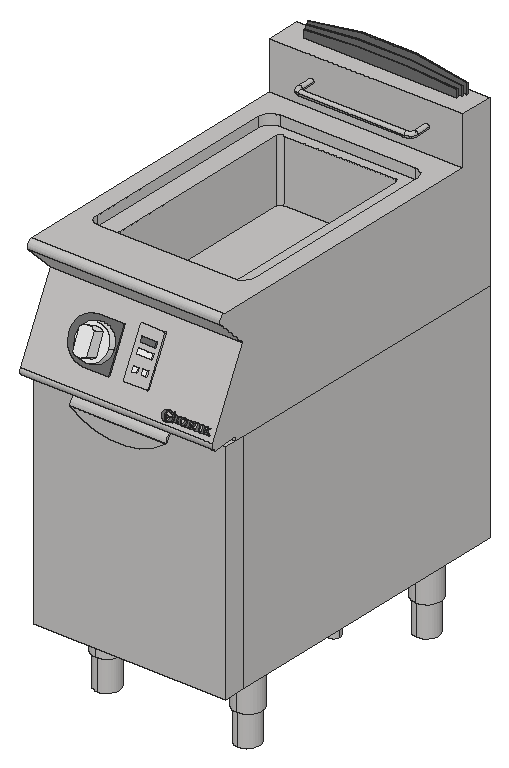
Revit family "QF_GIORIK_FG7117MT", category Specialty Equipment, Revit 2014
Parameters (values of type "FG7117MT")
  Weight in Pounds = 149.9142
  Watts = 100 W
  Volts = 230 V
  URL Cutsheet = "www.giorik.com"
  URL = "www.giorik.com"
  Status [instance] = ""
  Specification by User [instance] = ""
  Specification by Manufacturer = ""
  Show Logo [instance] = yes
  Show Clearance [instance] = yes
  Serial Number = ""
  Seismic Rating = ""
  SMACNA No = ""
  Revision Code [instance] = ""
  Phase = 1
  Number of Poles [instance] = 1
  NAFEM Spec ID Number = ""
  Model = "FG7117MT"
  Min Ckt Ampacity = 0 A
  Mechanical Remarks [instance] = "Natural Gas"
  Mechanical Connection Type [instance] = ""
  Max Overcurrent Protection = 0 A
  Masterspec = ""
  Manufacturer = "GIORIK"
  Item Number [instance] = ""
  Installed By [instance] = ""
  Identify Quantity as Lot [instance] = no
  HP = "0.134102000000"
  Gas Size = 1"
  Gas RI Height [instance] = 0 mm
  Gas KW = 16.5
  Gas Input = 16500 W
  Gas Connection Height [instance] = 150 mm
  Furnished By [instance] = ""
  Foodservice Equipment Identifier [instance] = yes
  FL Amps = 0 A
  Electrical Remarks [instance] = ""
  Electric Connection Type [instance] = ""
  Elec Conn RI Height [instance] = 0 mm
  Elec Conn Connection Height [instance] = 150 mm
  Description = "17 LITRE MELTING GAS FRYER."
  Cycle = 50 Hz
  Conn Plug = ""
  Conn Conduit [instance] = no
  CSI MasterFormat = ""
  Assembly Code = "E1090320"
  Apparent Power = 100 VA
Reference planes
  plane 1 "Back": y = 0
  plane 2: z = 0
  plane 3 "Left": x = 0
  plane 4 "Right": x = 400
  plane 5 "Front": y = -720
  plane 6 "Top": z = 900
Forms (mm)
  Extrusion 1, solid, visible <- "Show Logo"
    sketch origin (196.604, -736.761, 609.486) x (-1, 0, 0) y (0, 0.452718, 0.891654)
      loop
        line (-118.824, 58.358) -> (-127.804, 58.358) -> (-125.523, 56.445) -> (-125.523, 48.027) -> (-127.804, 46.113) -> (-118.824, 46.113) -> (-121.105, 48.027) -> (-121.105, 56.445) -> (-118.824, 58.358)
      loop
        line (-163.721, 58.358) -> (-172.7, 58.358) -> (-170.42, 56.445) -> (-170.42, 48.027) -> (-172.7, 46.113) -> (-163.721, 46.113) -> (-166.001, 48.027) -> (-166.001, 56.445) -> (-163.721, 58.358)
      loop
        line (-174.332, 58.358) -> (-183.312, 58.358) -> (-181.031, 56.445) -> (-181.031, 52.435) -> (-186.419, 56.955) -> (-184.416, 58.358) -> (-191.268, 58.358) -> (-188.01, 56.839) -> (-185.455, 54.283) -> (-190.846, 47.858) -> (-193.396, 46.93) -> (-193.396, 46.113) -> (-184.416, 46.113) -> (-185.437, 47.571) -> (-182.443, 51.552) -> (-181.031, 50.894) -> (-181.031, 48.027) -> (-183.312, 46.113) -> (-174.332, 46.113) -> (-176.613, 48.027) -> (-176.613, 56.445) -> (-174.332, 58.358)
      loop
        line (-115.429, 62.063) -> (-115.429, 54.198)
        arc (-115.429, 54.198) -> (-111.618, 57.803) -> (-106.847, 59.986) r 16.039
        arc (-106.847, 59.986) -> (-103.314, 59.837) -> (-100.512, 57.68) r 5.851
        arc (-100.512, 57.68) -> (-98.815, 52.267) -> (-100.512, 46.853) r 9.479
        arc (-100.512, 46.853) -> (-102.406, 44.986) -> (-104.846, 43.93) r 7.236
        arc (-104.846, 43.93) -> (-107.728, 44.111) -> (-110.052, 45.825) r 5.11
        line (-110.052, 45.825) -> (-110.052, 52.001) -> (-116.141, 52.001) -> (-116.141, 45.503) -> (-117.893, 43.751) -> (-114.094, 44.769)
        arc (-114.094, 44.769) -> (-112.56, 44.947) -> (-111.129, 44.366) r 3.115
        arc (-111.129, 44.366) -> (-104.216, 42.091) -> (-97.303, 44.366) r 11.641
        arc (-97.303, 44.366) -> (-93.396, 52.107) -> (-97.303, 59.849) r 9.622
        arc (-97.303, 59.849) -> (-104.369, 62.174) -> (-111.435, 59.849) r 11.898
        line (-111.435, 59.849) -> (-115.429, 62.063)
      loop
        arc (-129.234, 56.068) -> (-135.893, 58.628) -> (-142.552, 56.068) r 9.941
        arc (-142.552, 56.068) -> (-144.234, 52.286) -> (-142.552, 48.505) r 5.093
        arc (-142.552, 48.505) -> (-135.893, 45.945) -> (-129.234, 48.505) r 9.941
        arc (-129.234, 48.505) -> (-127.552, 52.286) -> (-129.234, 56.068) r 5.093
      loop
        arc (-132.628, 54.403) -> (-135.893, 57.668) -> (-139.158, 54.403) r 3.265
        line (-139.158, 54.403) -> (-139.158, 50.169)
        arc (-139.158, 50.169) -> (-135.893, 46.904) -> (-132.628, 50.169) r 3.265
        line (-132.628, 50.169) -> (-132.628, 54.403)
      loop
        arc (-156.363, 58.365) -> (-159.647, 55.081) -> (-156.363, 51.796) r 3.285
        line (-156.363, 51.796) -> (-159.529, 47.306) -> (-162.087, 46.113) -> (-155.847, 46.113) -> (-153.529, 51.083) -> (-150.637, 51.083) -> (-150.637, 47.784) -> (-153.022, 46.113) -> (-144.011, 46.113) -> (-146.094, 47.68) -> (-146.094, 56.493) -> (-144.229, 58.365) -> (-156.363, 58.365)
      loop
        line (-150.637, 57.512) -> (-153.637, 57.512)
        arc (-153.637, 57.512) -> (-156.237, 54.912) -> (-153.637, 52.312) r 2.6
        line (-153.637, 52.312) -> (-150.637, 52.312) -> (-150.637, 57.512)
      loop
        line (-108.924, 52.001) -> (-104.936, 49.005) -> (-100.948, 52.001) -> (-108.924, 52.001)
    from 1.5 to -0.5
  Extrusion 2, solid
    sketch origin (-16, 1025.81, 0) x (1, 0, 0) y (0, 1, 0)
      loop
        line (25, -1086.81) -> (25, -1156.81) -> (115, -1156.81) -> (115, -1086.81) -> (25, -1086.81)
    from 148 to 150
  Extrusion 3, solid
    sketch origin (-14, 0, 130) x (1, 0, 0) y (0, 1, 0)
      loop
        circle (54, -385) r 12.5
    from 0 to 20
  Extrusion 4, solid
    sketch origin (0, 1000, -20) x (0, 1, 0) y (0, 0, 1)
      loop
        line (-1000, 989.988) -> (-1070, 989.988) -> (-1070, 889.988) -> (-1688.806, 889.988)
        arc (-1688.806, 889.988) -> (-1699.151, 883.075) -> (-1696.724, 870.873) r 11.197
        line (-1696.724, 870.873) -> (-1640.876, 815.025) -> (-1718.948, 661.258)
        arc (-1718.948, 661.258) -> (-1718.233, 650.105) -> (-1708.118, 645.354) r 10.981
        line (-1708.118, 645.354) -> (-1660, 649.925) -> (-1660, 640) -> (-1000, 640) -> (-1000, 989.988)
    from 0 to 400
  Extrusion 5, solid
    sketch origin (0, 0, 599.536) x (1, 0, 0) y (0, 1, 0)
      loop
        line (0, -640) -> (40, -640) -> (40, -40) -> (360, -40) -> (360, -640) -> (400, -640) -> (400, 0) -> (0, 0) -> (0, -640)
    from -449.536 to 20.464
  Extrusion 6, solid
    sketch origin (0, 0, 0) x (1, 0, 0) y (0, 1, 0)
      loop
        line (40, -40) -> (40, -640) -> (360, -640) -> (360, -40) -> (40, -40)
    from 150 to 190
  Extrusion 7, solid
    sketch origin (-16, 560.81, 0) x (1, 0, 0) y (0, 1, 0)
      loop
        line (25, -1086.81) -> (25, -1156.81) -> (115, -1156.81) -> (115, -1086.81) -> (25, -1086.81)
    from 148 to 150
  Revolve 8, solid
    sketch origin (54, 560.81, 0) x (0, 1, 0) y (0, 0, 1)
      loop
        line (-1092.56, 66) -> (-1092.56, 148) -> (-1121.81, 148) -> (-1121.81, 0) -> (-1096.81, 0) -> (-1096.81, 66) -> (-1092.56, 66)
      axis (-1121.81, 0) -> (-1121.81, 148)
    angle from 0 to 360
  Revolve 9, solid
    sketch origin (54, 1025.81, 0) x (0, 1, 0) y (0, 0, 1)
      loop
        line (-1092.56, 66) -> (-1092.56, 148) -> (-1121.81, 148) -> (-1121.81, 0) -> (-1096.81, 0) -> (-1096.81, 66) -> (-1092.56, 66)
      axis (-1121.81, 0) -> (-1121.81, 148)
    angle from 0 to 360
  Extrusion 10, solid
    sketch origin (416, 560.81, 0) x (-1, 0, 0) y (0, -1, 0)
      loop
        line (25, 1086.81) -> (115, 1086.81) -> (115, 1156.81) -> (25, 1156.81) -> (25, 1086.81)
    from 148 to 150
  Revolve 11, solid
    sketch origin (346, 560.81, 0) x (0, 1, 0) y (0, 0, -1)
      loop
        line (-1092.56, -66) -> (-1096.81, -66) -> (-1096.81, 0) -> (-1121.81, 0) -> (-1121.81, -148) -> (-1092.56, -148) -> (-1092.56, -66)
      axis (-1121.81, 0) -> (-1121.81, -148)
    angle from 0 to 360
  Extrusion 12, solid
    sketch origin (416, -1217.81, 0) x (-1, 0, 0) y (0, -1, 0)
      loop
        line (25, -1086.81) -> (25, -1156.81) -> (115, -1156.81) -> (115, -1086.81) -> (25, -1086.81)
    from 148 to 150
  Revolve 13, solid
    sketch origin (346, -1217.81, 0) x (0, -1, 0) y (0, 0, 1)
      loop
        line (-1092.56, 66) -> (-1092.56, 148) -> (-1121.81, 148) -> (-1121.81, 0) -> (-1096.81, 0) -> (-1096.81, 66) -> (-1092.56, 66)
      axis (-1121.81, 0) -> (-1121.81, 148)
    angle from 0 to 360
  Extrusion 14, solid
    sketch origin (-293.221, -963.345, 52.363) x (1, 0, 0) y (0, 0.452718, 0.891654)
      loop
        line (463.221, 676.25) -> (463.221, 766.25) -> (409.698, 766.25)
        arc (409.698, 766.25) -> (364.698, 721.25) -> (409.698, 676.25) r 45
        line (409.698, 676.25) -> (463.221, 676.25)
    from 48 to 50
  Extrusion 15, solid
    sketch origin (481.331, -1008.697, 74.959) x (-1, 0, 0) y (0, -0.45351, -0.891251)
      loop
        circle (351.331, -721.346) r 35
    from 0 to 15
  Extrusion 16, solid
    sketch origin (481.331, -1008.697, 74.959) x (-1, 0, 0) y (0, -0.45351, -0.891251)
      loop
        arc (336.331, -743.846) -> (351.331, -748.846) -> (366.331, -743.846) r 25
        line (366.331, -743.846) -> (366.331, -698.846)
        arc (366.331, -698.846) -> (351.331, -693.846) -> (336.331, -698.846) r 25
        line (336.331, -698.846) -> (336.331, -743.846)
    from 15 to 40
  Extrusion 17, solid
    sketch origin (-94, 0, 59.999) x (1, 0, 0) y (0, 0, 1)
      loop
        line (135, 909.989) -> (453, 909.989) -> (453, 925.527) -> (347.056, 931.749) -> (240.944, 931.749) -> (135, 925.527) -> (135, 909.989)
    from 32 to 35
  Extrusion 18, solid
    sketch origin (-92, 10, 59.999) x (1, 0, 0) y (0, 0, 1)
      loop
        line (454, 909.989) -> (454, 928.527) -> (346.162, 939.193) -> (237.838, 939.193) -> (130, 928.527) -> (130, 909.989) -> (454, 909.989)
    from 32 to 35
  Extrusion 19, solid
    sketch origin (-90, 20, 59.999) x (1, 0, 0) y (0, 0, 1)
      loop
        line (455, 909.989) -> (455, 930.527) -> (345.396, 947.413) -> (234.604, 947.413) -> (125, 930.527) -> (125, 909.989) -> (455, 909.989)
    from 32 to 35
  Extrusion 20, void
    sketch origin (0, 0, 819.988) x (0, 1, 0) y (-1, 0, 0)
      loop
        arc (-120, -60) -> (-127.322, -42.322) -> (-145, -35) r 25
        line (-145, -35) -> (-565.002, -35)
        arc (-565.002, -35) -> (-582.68, -42.322) -> (-590.002, -60) r 25
        line (-590.002, -60) -> (-590.002, -340)
        arc (-590.002, -340) -> (-582.68, -357.678) -> (-565.002, -365) r 25
        line (-565.002, -365) -> (-145, -365)
        arc (-145, -365) -> (-127.322, -357.678) -> (-120, -340) r 25
        line (-120, -340) -> (-120, -60)
    from -100 to 50
  Extrusion 21, solid
    sketch origin (0, 0, 900) x (0, 1, 0) y (-1, 0, 0)
      loop
        arc (-120, -60) -> (-127.322, -42.322) -> (-145, -35) r 25
        line (-145, -35) -> (-565.002, -35)
        arc (-565.002, -35) -> (-582.68, -42.322) -> (-590.002, -60) r 25
        line (-590.002, -60) -> (-590.002, -340)
        arc (-590.002, -340) -> (-582.68, -357.678) -> (-565.002, -365) r 25
        line (-565.002, -365) -> (-145, -365)
        arc (-145, -365) -> (-127.322, -357.678) -> (-120, -340) r 25
        line (-120, -340) -> (-120, -60)
      loop
        arc (-140, -85.011) -> (-142.929, -77.94) -> (-150, -75.011) r 10
        line (-150, -75.011) -> (-555.002, -75.011)
        arc (-555.002, -75.011) -> (-562.073, -77.94) -> (-565.002, -85.011) r 10
        line (-565.002, -85.011) -> (-565.002, -315)
        arc (-565.002, -315) -> (-562.073, -322.071) -> (-555.002, -325) r 10
        line (-555.002, -325) -> (-150, -325)
        arc (-150, -325) -> (-142.929, -322.071) -> (-140, -315) r 10
        line (-140, -315) -> (-140, -85.011)
    from -180.012 to -50
  Extrusion 22, solid
    sketch origin (0, -725, 0) x (1, 0, 0) y (0, 0, 1)
      loop
        line (0, 620) -> (0, 150) -> (400, 150) -> (400, 620) -> (0, 620)
    from -85 to -40
  Extrusion 23, solid
    sketch origin (2.5, -725, -20.1) x (0, 1, 0) y (0, 0, 1)
      loop
        arc (25, 640.1) -> (14.393, 635.707) -> (10, 625.1) r 15
        line (10, 625.1) -> (12, 625.1)
        arc (12, 625.1) -> (15.808, 634.292) -> (25, 638.1) r 13
        line (25, 638.1) -> (40, 638.1) -> (40, 640.1) -> (25, 640.1)
    from 97.5 to 297.5
  Extrusion 24, solid
    sketch origin (2.5, -724.905, -20.1) x (1, 0, 0) y (0, 0, 1)
      loop
        arc (97.5, 625.1) -> (197.5, 590.089) -> (297.5, 625.1) r 160.316
        line (297.5, 625.1) -> (97.5, 625.1)
    from -11.905 to -9.905
  Extrusion 25, solid, visible <- "Show Clearance", detail levels coarse
    sketch origin (395, -725, 0) x (-1, 0, 0) y (0, -1, 0)
      loop
        line (-5, -40) -> (395, -40)
        arc (395, -40) -> (277.534, 241.069) -> (-5, 354.968) r 395
        line (-5, 354.968) -> (-5, -40)
    from 150 to 620
  Extrusion 26, solid
    sketch origin (0, 0, 100) x (0, 1, 0) y (-1, 0, 0)
      loop
        circle (-380, -380) r 12.5
    from 30 to 50
  Sweep 27, solid
    path origin (5, 0, 919.988) x (0, 1, 0) y (-1, 0, 0)
      loop
        line (-70, -80) -> (-100, -80)
        arc (-100, -80) -> (-107.071, -82.929) -> (-110, -90) r 10
        line (-110, -90) -> (-110, -310)
        arc (-110, -310) -> (-107.071, -317.071) -> (-100, -320) r 10
        line (-100, -320) -> (-70, -320)
    profile origin (85, -85, 919.988) x (1, 0, 0) y (0, 0, 1)
      loop
        circle (0, 0) r 5
  Extrusion 28, solid
    sketch origin (-324.127, -1033.637, 21.856) x (1, 0, 0) y (0, 0.453086, 0.891467)
      loop
        arc (527.687, 837.056) -> (525.919, 836.323) -> (525.187, 834.556) r 2.5
        line (525.187, 834.556) -> (525.187, 739.556)
        arc (525.187, 739.556) -> (525.919, 737.788) -> (527.687, 737.056) r 2.5
        line (527.687, 737.056) -> (572.687, 737.056)
        arc (572.687, 737.056) -> (574.454, 737.788) -> (575.187, 739.556) r 2.5
        line (575.187, 739.556) -> (575.187, 834.556)
        arc (575.187, 834.556) -> (574.454, 836.323) -> (572.687, 837.056) r 2.5
        line (572.687, 837.056) -> (527.687, 837.056)
    from 0 to 2
  Extrusion 29, solid
    sketch origin (-322.169, -1027.435, 34.058) x (1, 0, 0) y (0, 0.453086, 0.891467)
      loop
        line (533.229, 803.367) -> (533.229, 793.367) -> (563.229, 793.367) -> (563.229, 803.367) -> (533.229, 803.367)
    from 0 to 3
  Extrusion 30, solid
    sketch origin (-322.169, -1029.701, 29.601) x (1, 0, 0) y (0, 0.453086, 0.891467)
      loop
        line (533.229, 758.367) -> (533.229, 748.367) -> (543.229, 748.367) -> (543.229, 758.367) -> (533.229, 758.367)
    from 0 to 3
  Extrusion 31, solid
    sketch origin (-322.169, -1036.497, 16.229) x (1, 0, 0) y (0, 0.453086, 0.891467)
      loop
        line (533.229, 803.367) -> (533.229, 793.367) -> (563.229, 793.367) -> (563.229, 803.367) -> (533.229, 803.367)
    from 0 to 3
  Extrusion 32, solid
    sketch origin (-302.169, -1029.701, 29.601) x (1, 0, 0) y (0, 0.453086, 0.891467)
      loop
        line (533.229, 758.367) -> (533.229, 748.367) -> (543.229, 748.367) -> (543.229, 758.367) -> (533.229, 758.367)
    from 0 to 3
Cuts and joins
  Extrusion 20 cuts Extrusion 4
Lines and regions (mm)
  symbolic lines, style "200-EquipBorder-2D"
    curve 1: line (0, -720, 0) -> (400, -720, 0)
    curve 2: line (400, -720, 0) -> (400, 0, 0)
    curve 3: line (400, 0, 0) -> (0, 0, 0)
    curve 4: line (0, 0, 0) -> (0, -720, 0)
  symbolic lines, style "200-EquipInternal-2D"
    curve 5: line (35, -12, 900) -> (365, -12, 900)
    curve 6: line (365, -12, 900) -> (365, -15, 900)
    curve 7: line (365, -15, 900) -> (35, -15, 900)
    curve 8: line (35, -15, 900) -> (35, -12, 900)
    curve 9: line (38, -22, 900) -> (362, -22, 900)
    curve 10: line (362, -22, 900) -> (362, -25, 900)
    curve 11: line (362, -25, 900) -> (38, -25, 900)
    curve 12: line (38, -25, 900) -> (38, -22, 900)
    curve 13: line (41, -32, 900) -> (359, -32, 900)
    curve 14: line (359, -32, 900) -> (359, -35, 900)
    curve 15: line (359, -35, 900) -> (41, -35, 900)
    curve 16: line (41, -35, 900) -> (41, -32, 900)
    curve 17: line (340, -120, 900) -> (60, -120, 900)
    curve 18: arc (60, -120, 900) -> (42.322, -127.322, 900) -> (35, -145, 900) r 25
    curve 19: line (35, -145, 900) -> (35, -565, 900)
    curve 20: arc (365, -145, 900) -> (357.678, -127.322, 900) -> (340, -120, 900) r 25
    curve 21: arc (340, -590, 900) -> (356.212, -584.031, 900) -> (364.682, -568.975, 900) r 25
    curve 22: line (60, -590, 900) -> (340, -590, 900)
    curve 23: arc (35, -565, 900) -> (42.322, -582.678, 900) -> (60, -590, 900) r 25
    curve 24: line (365, -565.002, 900) -> (365, -145, 900)
    curve 27: line (85, -140, 900) -> (315, -140, 900)
    curve 28: line (325, -150, 900) -> (325, -555.002, 900)
    curve 29: line (75, -555.002, 900) -> (75, -150, 900)
    curve 30: line (315, -565.002, 900) -> (85, -565.002, 900)
    curve 31: arc (85, -140, 900) -> (77.929, -142.929, 900) -> (75, -150, 900) r 10
    curve 32: arc (315, -140, 900) -> (322.071, -142.929, 900) -> (325, -150, 900) r 10
    curve 33: arc (75, -555.002, 900) -> (77.929, -562.073, 900) -> (85, -565.002, 900) r 10
    curve 34: arc (315, -565.002, 900) -> (322.071, -562.073, 900) -> (325, -555.002, 900) r 10
    curve 35: line (80, -70, 900) -> (80, -99.667, 900)
    curve 36: line (90, -100, 900) -> (90, -70, 900)
    curve 37: line (94.989, -104.989, 900) -> (315.27, -104.989, 900)
    curve 38: line (320.032, -100.227, 900) -> (320.032, -70, 900)
    curve 39: line (330.032, -70, 900) -> (330.032, -100.301, 900)
    curve 40: line (315.333, -115, 900) -> (95.333, -115, 900)
    curve 41: arc (95.333, -115, 900) -> (84.491, -110.509, 900) -> (80, -99.667, 900) r 15.333
    curve 42: arc (90, -100, 900) -> (91.461, -103.528, 900) -> (94.989, -104.989, 900) r 4.989
    curve 43: arc (315.333, -115, 900) -> (325.727, -110.695, 900) -> (330.032, -100.301, 900) r 14.699
    curve 44: arc (320.032, -100.227, 900) -> (318.637, -103.594, 900) -> (315.27, -104.989, 900) r 4.762
    curve 45: line (90, -70, 900) -> (320.032, -70, 900)
    curve 46: line (0, -70, 900) -> (80, -70, 900)
    curve 47: line (330.032, -70, 900) -> (400, -70, 900)
  symbolic lines, style "QF_Door-Drawer Clearances", visible <- "Show Clearance", detail levels coarse
    curve 25: arc (400, -1079.968, 0) -> (130.204, -978.101, 0) -> (1.554, -720, 0) r 395
    curve 26: line (400, -720, 0) -> (400, -1079.968, 0)
Dimensions and locks
  plane 3 "Left" to plane 4 "Right" = 400 mm
  plane 5 "Front" to plane 1 "Back" = 720 mm
  plane 4 "Right" to plane 3 "Left" = 400 mm
  plane 1 "Back" to plane 5 "Front" = 720 mm
  plane 6 "Top" to level = 900 mm  (x2)
  aligned and locked: level to plane 2
Connectors
  electrical at (380, -380, 130), driven by "Apparent Power", driven by "Volts", driven by "Number of Poles"
    settings: on Extrusion 26, index 1, voltage 230 V, apparent load 0 VA, apparent load phase1 100 VA, apparent load phase2 0 VA, apparent load phase3 0 VA, power factor 1, load classification "Other", number of poles 1, system type 31, power factor state 1, is connector primary yes, connector utility no, sub classification motor no, connector description "Electrical connection"
  piping at (40, -385, 130), diameter 25.4, driven by "Gas Size"
    settings: on Extrusion 3, index 2, connector inside diameter 24", connector length 0 mm, flow factor 0, pipe flow 0.0 L/s, pressure drop 0.0 Pa, fitting loss kfactor 0, connector angle 0.00°, fixture units 0, engagement length 0 mm, angle of deflection 0.00°, flow configuration 1, flow direction 1, fitting loss method 0, system type 22, joint type 0, gender type 0, connector reference index -1, connector utility 0, adjustable connector no, is connector primary yes, connector description "Gas inlet"
